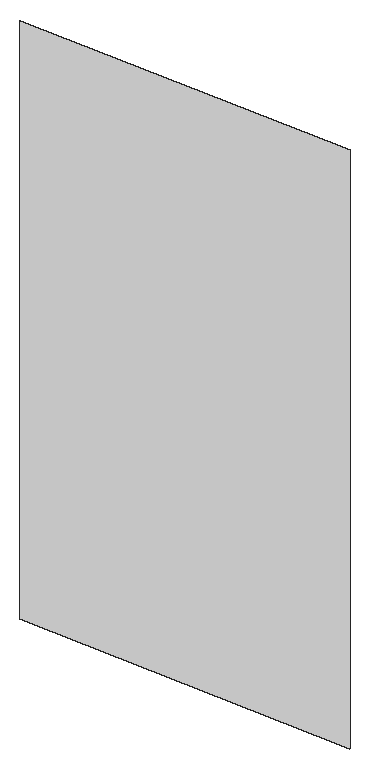
Revit family "PKNail Single Switch", category Electrical Fixtures, host Wall, Revit 2017
Family settings
  Host = Wall
  Maintain Annotation Orientation = No
  Round Connector Dimension = Use Diameter
  Part Type = Normal
  OmniClass Number = 23.80.50.11.14
  OmniClass Title = Switches
  Always vertical = Yes
  Cut with Voids When Loaded = No
  Shared = No
  Room Calculation Point = No
Parameters (values of type "Single Switch")
  Width = 70.00 mm
  PKNail Family Measure Location Centered = yes
  PKNail Family Instance Elevation [instance] = 1162.05 mm
  PKNail Family Fixed Dimensions = "Width:Height"
  Height = 114.00 mm
  Material = Plastic - White
Reference planes
  plane 1: y = 0
  plane 2 "Center (Left/Right)": x = 0
  plane 3 "Back": y = 76.2
  plane 4 "Left": x = -35
  plane 5 "Right": x = 35
  plane 6: z = 1162.05
  plane 7: z = 1276.05
  plane 8 "Center (Elevation)": z = 1219.05
  plane 9: y = 80.962
  plane 10: y = 82.55
  plane 11: z = 57
Forms (mm)
  Blend 1, solid, material "Plastic - White" <- "Material"
    base sketch origin (0, 76.2, 0) x (1, 0, 0) y (0, 0, 1)
      loop
        line (35, 1276.05) -> (-35, 1276.05) -> (-35, 1162.05) -> (35, 1162.05) -> (35, 1276.05)
    top sketch origin (0, 76.2, 0) x (1, 0, 0) y (0, 0, 1)
      loop
        line (30.238, 1271.288) -> (-30.237, 1271.288) -> (-30.237, 1166.813) -> (30.238, 1166.813) -> (30.238, 1271.288)
    from 0 to -4.762
Lines and regions (mm)
  model lines, style "InvisibleLines"
    curve 1: line (0, 76.2, 1162.05) -> (0, 76.2, 57)
Text (mm)
  text "Placement Side" at (0, 1019.848, 3124.603), in view "Right"
  text "Placement Side" at (0, 1206.291, 3571.227), in view "Left"
Dimensions and locks
  locked: plane 3 "Back" to host wall
  "Height": plane 6 to plane 7
  "Width": plane 5 "Right" to plane 4 "Left"
  equal spacing: plane 5 "Right", plane 2 "Center (Left/Right)", plane 4 "Left"
  equal spacing: plane 6, plane 8 "Center (Elevation)", plane 7
  locked: plane 3 "Back" to plane 9 at 4.762
  locked: plane 9 to plane 10 at 1.588
  "PKNail Family Instance Elevation": plane 11 to plane 8 "Center (Elevation)"
  aligned and locked: plane 6 to Blend 1 sketch curve
  aligned and locked: plane 5 "Right" to Blend 1 sketch curve
  aligned and locked: Blend 1 sketch curve to plane 7
  aligned and locked: plane 3 "Back" to nested 1
  aligned and locked: Blend 1 to curve 1
  aligned and locked: curve 1 to plane 2 "Center (Left/Right)"
Automatic sketch dimensions
  plane 4 "Left" to Blend 1 sketch curve = 4.762 mm
  Blend 1 sketch curve to plane 5 "Right" = 4.763 mm
  Blend 1 sketch curve to plane 6 = 4.763 mm
  plane 7 to Blend 1 sketch curve = 4.762 mm
  Blend 1 sketch curve to plane 4 "Left" = 0.00 mm
  curve 1 to plane 11 = 0.00 mm
Nested families
  nested 1: "Switch Annotation" at (-0.091, 76.2, 0), type "Switch Annotation"
Definition of nested family "Switch Annotation"
  Reference planes
    plane 1: y = 0
    plane 2: x = 0
  Lines and regions (mm)
    detail lines
      curve 1: arc (0.687, 4.366, 0) -> (-0.687, 4.366, 0) -> (0, 3.175, 0) r 0.794
      curve 2: arc (-0.846, 1.687, 0) -> (0.876, 1.693, 0) -> (0, 3.175, 0) r 0.992
      curve 3: line (0, 1.191, 0) -> (0, 0.222, 0)
